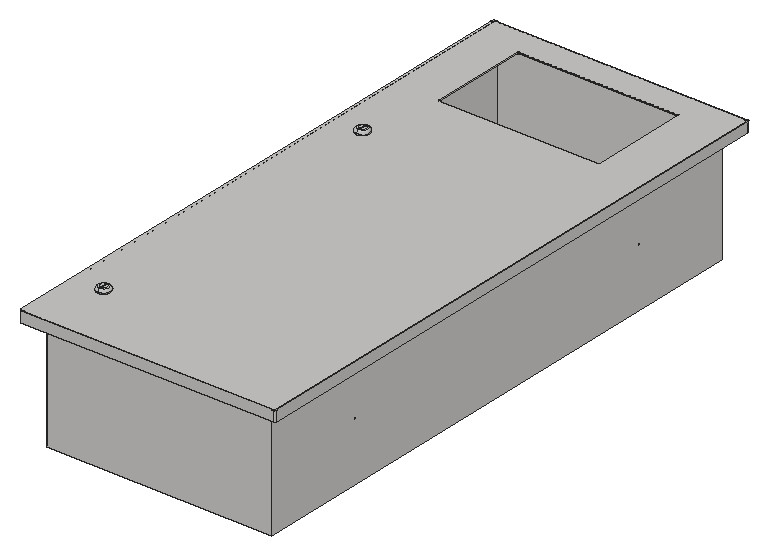
Revit family "rba-bim-B35643", category Specialty Equipment, host Face, Revit 2018
Family settings
  Host = Face
  Round Connector Dimension = Use Diameter
  Part Type = Normal
  OmniClass Number = 23.40.20.31
  OmniClass Title = Refuse Disposal Furniture
  Cut with Voids When Loaded = No
  Shared = Yes
  Room Calculation Point = No
Parameters (values of type "B35643")
  Width = 439.738 mm
  Warranty Information = "1 Year Limited Warranty"
  URL = "www.rba.com.au"
  Type Comments = ""
  Specification = "Recessed waste receptacle shall be Type-304 stainless steel with all-welded construction; exposed surfaces shall have satin fi nish. Door shall be Type-304, 18 gauge (1.2mm) secured to cabinet with a concealed, full-length stainless steel piano-hinge, cable door-swing limiter and equipped with two tumbler locks keyed like other Bobrick washroom accessories. Waste receptacle shall be furnished with a removable, leak-proof, rigid molded plastic waste-container with a minimum capacity of 12-gal. (45.4-L)."
  Product Page URL = "http://bobrick.com/washroomaccessories/Pages/ProductDetails.aspx?Product+Number=B-35643"
  Product Documentation Link = "http://bobrick.com/Documents/B-35643_td.pdf"
  Price = "Prices may vary. Please consult Manufacturer Representative for most up-to-date price list."  # constant formula
  Modified Issue = "20200422.01"
  Model = "B35643"
  Materials and Finishes = Satin Finished Stainless Steel
  Manufacturer = "Bobrick Washroom Equipment"
  Length = 212.725 mm
  Installation Type = "Recessed"
  Height = 1017.588 mm
  Description = "TrimLineSeries™ Recessed Waste Receptacle"
  Default Elevation = 1219.2 mm
  Creation Date = "05/31/2017"
  Copyright by = "RBA Group"  # constant formula
  Assembly Code = "E1090900"
  ADA Compliant = yes
Reference planes
  plane 1 "Center (Front/Back)": y = 0
  plane 2: z = 0
  plane 3 "Center (Left/Right)": x = 0
  plane 4: x = -219.869
  plane 5: x = 219.869
  plane 6: y = -966.788
  plane 7: y = -483.394
  plane 8: y = 25.4
  plane 9: y = -992.188
  plane 10: z = 190.5
  plane 11: z = -193.675
  plane 12: z = 19.05
  plane 13: x = -193.675
  plane 14: x = 193.675
  plane 15: y = -788.988
  plane 16: y = -179.388
  plane 17: z = -92.075
Forms (mm)
  Sweep 1, solid, material "Satin Finished Stainless Steel" <- "Materials and Finishes"
    path origin (251.189, 842.917, 0) x (1, 0, 0) y (0, 1, 0)
      loop
        arc (-467.883, -817.517) -> (-470.128, -818.447) -> (-471.058, -820.692) r 3.175
        line (-471.058, -820.692) -> (-471.058, -1831.929)
        arc (-471.058, -1831.929) -> (-470.128, -1834.174) -> (-467.883, -1835.104) r 3.175
        line (-467.883, -1835.104) -> (-34.495, -1835.104)
        arc (-34.495, -1835.104) -> (-32.25, -1834.174) -> (-31.32, -1831.929) r 3.175
        line (-31.32, -1831.929) -> (-31.32, -820.692)
        arc (-31.32, -820.692) -> (-32.25, -818.447) -> (-34.495, -817.517) r 3.175
        line (-34.495, -817.517) -> (-467.883, -817.517)
    profile origin (0, 25.4, 0) x (0, 1, 0) y (0, 0, 1)
      loop
        line (0, 0) -> (0, 18.256)
        arc (0, 18.256) -> (-0.232, 18.818) -> (-0.794, 19.05) r 0.794
        line (-0.794, 19.05) -> (-3.147, 19.05) -> (-3.147, 0) -> (0, 0)
  Extrusion 2, solid, material "Satin Finished Stainless Steel" <- "Materials and Finishes"
    sketch origin (0, 0, 0) x (1, 0, 0) y (0, 1, 0)
      loop
        line (-193.675, -966.788) -> (193.675, -966.788) -> (193.675, 0) -> (-193.675, 0) -> (-193.675, -966.788)
      loop
        line (192.881, -0.794) -> (-192.881, -0.794) -> (-192.881, -965.994) -> (192.881, -965.994) -> (192.881, -0.794)
    from -193.675 to 15.875
  Extrusion 3, solid, material "Satin Finished Stainless Steel" <- "Materials and Finishes"
    sketch origin (0, 0, 0) x (1, 0, 0) y (0, 1, 0)
      loop
        line (-193.675, 0) -> (-193.675, -966.788) -> (193.675, -966.788) -> (193.675, 0) -> (-193.675, 0)
    from -193.675 to -192.088
  Extrusion 4, solid, material "Satin Finished Stainless Steel" <- "Materials and Finishes"
    sketch origin (0, 0, 17.462) x (1, 0, 0) y (0, 1, 0)
      loop
        line (-216.721, 22.253) -> (-216.721, -989.04) -> (216.721, -989.04) -> (216.721, 22.253) -> (-216.721, 22.253)
      loop
        arc (138.906, -25.958) -> (137.976, -23.713) -> (135.731, -22.783) r 3.175
        line (135.731, -22.783) -> (-135.731, -22.783)
        arc (-135.731, -22.783) -> (-137.976, -23.713) -> (-138.906, -25.958) r 3.175
        line (-138.906, -25.958) -> (-138.906, -191.058)
        arc (-138.906, -191.058) -> (-137.976, -193.303) -> (-135.731, -194.233) r 3.175
        line (-135.731, -194.233) -> (135.731, -194.233)
        arc (135.731, -194.233) -> (137.976, -193.303) -> (138.906, -191.058) r 3.175
        line (138.906, -191.058) -> (138.906, -25.958)
    from 0 to 1.588
  Extrusion 5, void
    sketch origin (0, 0, 0) x (0, 1, 0) y (0, 0, 1)
      loop
        circle (-788.988, -92.075) r 2.778
      loop
        circle (-179.388, -92.075) r 2.778
    from -193.675 to 193.675
  Revolve 6, solid, material "Satin Finished Stainless Steel" <- "Materials and Finishes"
    sketch origin (-165.894, -844.974, -86.237) x (0, 1, 0) y (0, 0, 1)
      loop
        line (-33.389, 105.287) -> (-22.693, 105.287)
        arc (-22.693, 105.287) -> (-22.033, 105.585) -> (-21.821, 106.277) r 0.879
        arc (-21.821, 106.277) -> (-23.029, 109.219) -> (-25.547, 111.163) r 6.138
        arc (-25.547, 111.163) -> (-25.842, 111.508) -> (-26.277, 111.637) r 0.8
        line (-26.277, 111.637) -> (-33.389, 111.637) -> (-33.389, 105.287)
      axis (-33.389, 105.287) -> (-33.389, 111.637)
    angle from 0 to 360
  Extrusion 7, void
    sketch origin (-851.681, -845.708, -98.837) x (1, 0, 0) y (0, 1, 0)
      loop
        line (686.829, -27.293) -> (684.746, -27.293) -> (684.746, -35.954) -> (684.746, -37.199) -> (686.829, -37.199) -> (686.829, -35.791) -> (686.829, -27.293)
      loop
        line (685.39, -28.087) -> (685.39, -36.405) -> (686.184, -36.405) -> (686.184, -28.087) -> (685.39, -28.087)
    from 123.763 to 124.237
  Revolve 8, solid, material "Satin Finished Stainless Steel" <- "Materials and Finishes"
    sketch origin (-165.894, -289.349, -86.237) x (0, 1, 0) y (0, 0, 1)
      loop
        line (-33.389, 105.287) -> (-22.693, 105.287)
        arc (-22.693, 105.287) -> (-22.033, 105.585) -> (-21.821, 106.277) r 0.879
        arc (-21.821, 106.277) -> (-23.029, 109.219) -> (-25.547, 111.163) r 6.138
        arc (-25.547, 111.163) -> (-25.842, 111.508) -> (-26.277, 111.637) r 0.8
        line (-26.277, 111.637) -> (-33.389, 111.637) -> (-33.389, 105.287)
      axis (-33.389, 105.287) -> (-33.389, 111.637)
    angle from 0 to 360
  Extrusion 9, void
    sketch origin (-851.681, -290.083, -98.837) x (1, 0, 0) y (0, 1, 0)
      loop
        line (686.829, -27.293) -> (684.746, -27.293) -> (684.746, -35.954) -> (684.746, -37.199) -> (686.829, -37.199) -> (686.829, -35.791) -> (686.829, -27.293)
      loop
        line (685.39, -28.087) -> (685.39, -36.405) -> (686.184, -36.405) -> (686.184, -28.087) -> (685.39, -28.087)
    from 123.763 to 124.237
  Extrusion 10, void
    sketch origin (0, 0, 0) x (1, 0, 0) y (0, 1, 0)
      loop
        line (-196.85, 3.175) -> (-196.85, -969.963) -> (196.85, -969.963) -> (196.85, 3.175) -> (-196.85, 3.175)
    from -195.931 to 0
Cuts and joins
  Extrusion 5 cuts Sweep 1
  Extrusion 5 cuts Extrusion 2
  Extrusion 5 cuts Extrusion 3
  Extrusion 5 cuts Extrusion 4
  Extrusion 7 cuts Revolve 6
  Extrusion 9 cuts Revolve 8
  joined: Sweep 1, Extrusion 2, Extrusion 3, Extrusion 4, Revolve 6, Revolve 8
Lines and regions (mm)
  Masking region 1
    outline origin (0, 0, 33.562) x (1, 0, 0) y (0, 0, 1)
      loop
        line (-219.869, -33.562) -> (-193.675, -33.562) -> (-193.675, -227.237) -> (193.675, -227.237) -> (193.675, -33.562) -> (219.869, -33.562) -> (219.869, -15.325)
        arc (219.869, -15.325) -> (219.631, -14.75) -> (219.056, -14.512) r 0.813
        line (219.056, -14.512) -> (-155.198, -14.512)
        arc (-155.198, -14.512) -> (-154.538, -14.214) -> (-154.326, -13.522) r 0.879
        arc (-154.326, -13.522) -> (-155.533, -10.579) -> (-158.051, -8.636) r 6.138
        arc (-158.051, -8.636) -> (-158.346, -8.291) -> (-158.782, -8.162) r 0.8
        line (-158.782, -8.162) -> (-173.006, -8.162)
        arc (-173.006, -8.162) -> (-173.441, -8.291) -> (-173.736, -8.636) r 0.8
        arc (-173.736, -8.636) -> (-176.254, -10.579) -> (-177.462, -13.522) r 6.138
        arc (-177.462, -13.522) -> (-177.25, -14.214) -> (-176.59, -14.512) r 0.879
        line (-176.59, -14.512) -> (-219.056, -14.512)
        arc (-219.056, -14.512) -> (-219.631, -14.75) -> (-219.869, -15.325) r 0.813
        line (-219.869, -15.325) -> (-219.869, -33.562)
  symbolic lines, detail levels fine
    curve 1: line (-158.051, 0, 24.926) -> (-173.736, 0, 24.926)
  symbolic lines, detail levels medium+fine
    curve 2: line (-155.198, 0, 19.05) -> (-176.59, 0, 19.05)
    curve 3: line (193.675, 0, 0) -> (-193.675, 0, 0)
Dimensions and locks
  plane 16 to plane 15 = 609.6 mm
  plane 15 to plane 6 = 177.8 mm
  "Width": plane 4 to plane 5
  "Height": plane 9 to plane 8
  "Length": plane 11 to plane 12
  aligned and locked: plane 2 to host face
  aligned and locked: level to host face
  aligned and locked: plane 11 to Extrusion 3
  aligned and locked: plane 11 to Extrusion 2
  aligned and locked: level to Extrusion 10
Automatic sketch dimensions
  host sketch curve to host sketch curve = 2438.4 mm  (x2)
  Sweep 1 sketch curve to plane 4 = 0 mm
  plane 9 to Sweep 1 sketch curve = 0 mm
  plane 8 to Sweep 1 sketch curve = 0 mm
  Sweep 1 sketch curve to plane 5 = 0 mm
  plane 4 to Sweep 1 sketch curve = 3.175 mm  (x2)
  Sweep 1 sketch curve to plane 5 = 3.175 mm  (x2)
  Sweep 1 sketch curve to profile plane = 0 mm  (x2)
  profile plane to Sweep 1 sketch curve = 0.794 mm
  profile plane to Sweep 1 sketch curve = 3.147 mm
  profile plane to Sweep 1 sketch curve = 18.256 mm
  plane 1 "Center (Front/Back)" to Extrusion 2 sketch curve = 0 mm
  Extrusion 2 sketch curve to plane 13 = 0 mm
  Extrusion 2 sketch curve to plane 14 = 0 mm
  plane 6 to Extrusion 2 sketch curve = 0 mm
  plane 13 to Extrusion 2 sketch curve = 0.794 mm
  Extrusion 2 sketch curve to plane 14 = 0.794 mm
  Extrusion 2 sketch curve to plane 6 = 0.794 mm
  plane 1 "Center (Front/Back)" to Extrusion 2 sketch curve = 0.794 mm
  plane 6 to Extrusion 3 sketch curve = 0 mm
  plane 1 "Center (Front/Back)" to Extrusion 3 sketch curve = 0 mm
  plane 4 to Extrusion 3 sketch curve = 26.194 mm
  Extrusion 3 sketch curve to plane 5 = 26.194 mm
  plane 4 to Extrusion 4 sketch curve = 3.147 mm
  plane 1 "Center (Front/Back)" to Extrusion 4 sketch curve = 25.958 mm
  plane 4 to Extrusion 4 sketch curve = 80.963 mm
  Extrusion 4 sketch curve to Extrusion 4 sketch curve = 3.175 mm  (x3)
  plane 16 to Extrusion 4 sketch curve = 14.845 mm
  Extrusion 4 sketch curve to plane 5 = 84.137 mm  (x2)
  Extrusion 4 sketch curve to plane 5 = 3.147 mm
  Extrusion 4 sketch curve to plane 9 = 3.147 mm
  plane 8 to Extrusion 4 sketch curve = 3.147 mm
  Extrusion 5 sketch curve to plane 15 = 0 mm
  Extrusion 5 sketch curve to plane 16 = 0 mm
  plane 17 to Extrusion 5 sketch curve = 0 mm  (x2)
  plane 12 to Revolve 6 sketch curve = 0 mm
  Revolve 6 sketch curve to plane 6 = 88.424 mm
  Revolve 6 sketch curve to plane 12 = 0.211 mm
  Revolve 6 sketch curve to Revolve 6 sketch curve = 5.48 mm
  Revolve 6 sketch curve to Revolve 6 sketch curve = 1.632 mm
  Revolve 6 sketch curve to Revolve 6 sketch curve = 5.216 mm
  Revolve 6 sketch curve to Revolve 6 sketch curve = 0.879 mm
  Revolve 6 sketch curve to plane 12 = 5.55 mm
  Revolve 6 sketch curve to Revolve 6 sketch curve = 6.35 mm
  Revolve 6 sketch curve to Revolve 6 sketch curve = 0 mm  (x2)
  Revolve 6 sketch curve to Revolve 6 sketch curve = 0.73 mm
  Revolve 6 sketch curve to Revolve 6 sketch curve = 2.908 mm
  plane 4 to Extrusion 7 sketch curve = 52.934 mm
  Extrusion 7 sketch curve to Extrusion 7 sketch curve = 0.645 mm  (x2)
  Extrusion 7 sketch curve to Extrusion 7 sketch curve = 0.794 mm  (x3)
  Extrusion 7 sketch curve to plane 6 = 83.881 mm
  Extrusion 7 sketch curve to Extrusion 7 sketch curve = 0.451 mm
  Extrusion 7 sketch curve to Extrusion 7 sketch curve = 0.615 mm
  Extrusion 7 sketch curve to Extrusion 7 sketch curve = 7.704 mm
  plane 12 to Revolve 8 sketch curve = 0 mm
  plane 16 to Revolve 8 sketch curve = 143.351 mm
  Revolve 8 sketch curve to plane 12 = 0.211 mm
  Revolve 8 sketch curve to Revolve 8 sketch curve = 5.48 mm
  Revolve 8 sketch curve to Revolve 8 sketch curve = 1.632 mm
  Revolve 8 sketch curve to Revolve 8 sketch curve = 5.216 mm
  Revolve 8 sketch curve to Revolve 8 sketch curve = 0.879 mm
  Revolve 8 sketch curve to plane 12 = 5.55 mm
  Revolve 8 sketch curve to Revolve 8 sketch curve = 6.35 mm
  Revolve 8 sketch curve to Revolve 8 sketch curve = 0 mm  (x2)
  Revolve 8 sketch curve to Revolve 8 sketch curve = 0.73 mm
  Revolve 8 sketch curve to Revolve 8 sketch curve = 2.908 mm
  plane 4 to Extrusion 9 sketch curve = 52.934 mm
  Extrusion 9 sketch curve to Extrusion 9 sketch curve = 0.645 mm  (x2)
  Extrusion 9 sketch curve to Extrusion 9 sketch curve = 0.794 mm  (x3)
  plane 16 to Extrusion 9 sketch curve = 147.894 mm
  Extrusion 9 sketch curve to Extrusion 9 sketch curve = 0.451 mm
  Extrusion 9 sketch curve to Extrusion 9 sketch curve = 0.615 mm
  Extrusion 9 sketch curve to Extrusion 9 sketch curve = 7.704 mm
  plane 6 to Extrusion 10 sketch curve = 3.175 mm
  plane 4 to Extrusion 10 sketch curve = 23.019 mm
  Extrusion 10 sketch curve to plane 5 = 23.019 mm
  Extrusion 10 sketch curve to plane 1 "Center (Front/Back)" = 3.175 mm
  curve 3 to level = 0 mm
  curve 2 to plane 12 = 0 mm
  plane 4 to curve 3 = 26.194 mm
  curve 3 to curve 2 = 17.085 mm
  curve 2 to curve 1 = 2.854 mm
  curve 1 to plane 12 = 5.876 mm
  curve 1 to curve 1 = 15.685 mm
  curve 1 to curve 2 = 2.854 mm
  curve 3 to plane 5 = 26.194 mm
  Masking region 1 sketch curve to level = 0 mm  (x2)
  Masking region 1 sketch curve to plane 4 = 0 mm
  Masking region 1 sketch curve to plane 12 = 0 mm  (x4)
  Masking region 1 sketch curve to plane 11 = 0 mm
  Masking region 1 sketch curve to plane 5 = 0 mm
  Masking region 1 sketch curve to Masking region 1 sketch curve = 0.813 mm
  plane 4 to Masking region 1 sketch curve = 26.194 mm
  Masking region 1 sketch curve to plane 12 = 0.879 mm  (x2)
  Masking region 1 sketch curve to Masking region 1 sketch curve = 17.085 mm
  Masking region 1 sketch curve to Masking region 1 sketch curve = 3.584 mm
  Masking region 1 sketch curve to plane 12 = 0.211 mm  (x2)
  Masking region 1 sketch curve to Masking region 1 sketch curve = 5.216 mm  (x2)
  Masking region 1 sketch curve to Masking region 1 sketch curve = 10.959 mm
  Masking region 1 sketch curve to Masking region 1 sketch curve = 1.632 mm
  Masking region 1 sketch curve to plane 5 = 26.194 mm
  Masking region 1 sketch curve to plane 5 = 0.813 mm
  Masking region 1 sketch curve to plane 12 = 5.55 mm  (x2)
  Masking region 1 sketch curve to Masking region 1 sketch curve = 0.8 mm
  Masking region 1 sketch curve to Masking region 1 sketch curve = 0 mm  (x3)
  Masking region 1 sketch curve to Masking region 1 sketch curve = 0.73 mm
  radius of Extrusion 5 sketch curve = 2.778 mm  (x2)
